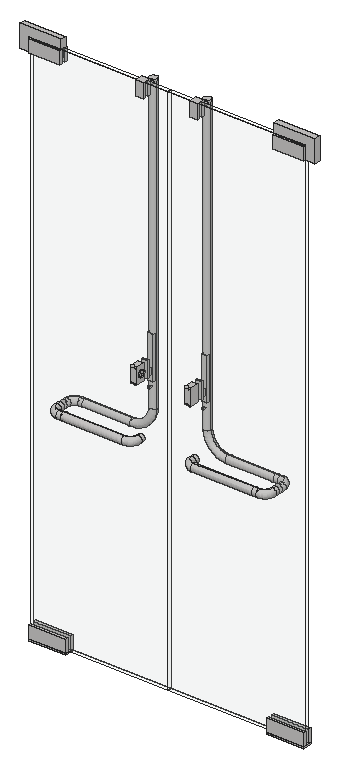
Revit family "Doors_Swing_Avanti_Systems_Pivot-Frameless-Pair-Swing-Door-Sgl-Glazed", category Doors, Revit 2015 (continued)
Definition of nested family "Pivot Door Bottom Free Swing Pivot Option"
  Cuts and joins
    joined: Extrusion 3, Extrusion 4
  Dimensions and locks (in)
    plane 5 to plane 1 "Center (Front/Back)" to plane 4 = 0.41339" locked, 2.31496" locked
    plane 1 "Center (Front/Back)" to plane 6 = 3/16"
    locked: plane 8 to level at 0.45276
    locked: plane 9 to plane 10 at 0.45276
    "Glass Thickness Control": level to plane 9
    equal spacing: level, plane 11, plane 9
    plane 12 to plane 11 to plane 13 = 0.76969" locked, 0.76969" locked
    plane 7 to plane 14 to plane 15 to plane 3 "Center (Left/Right)" = 2.31507" locked, 4.03237" locked, 0.20769" locked
    locked: plane 17 to plane 4 at 0.57874
    locked: plane 16 to plane 7 at 0.40354
    locked: plane 19 to plane 16 at 0.70866
    locked: plane 20 to plane 3 "Center (Left/Right)" at 2.22678
    plane 21 to plane 11 to plane 22 = 0.62342" locked, 0.62342" locked
    plane 23 to plane 20 to plane 24 = 0.62342" locked, 0.62342" locked
    locked: plane 25 to plane 5 at 1.1811
    locked: plane 15 to plane 26 at 0.52066
    locked: plane 27 to plane 14 at 0.51485
    locked: plane 25 to plane 28 at 0.7874
    plane 1 "Center (Front/Back)" to plane 30 to plane 17 = 0.60237", 1.13386"
    locked: plane 9 to plane 32 at 0.25001
    locked: plane 31 to level at 0.25001
    locked: plane 7 to plane 33 at 0.03937
    locked: plane 34 to plane 3 "Center (Left/Right)" at 0.03937
    aligned and locked: plane 2 to Extrusion 1
    aligned and locked: level to Extrusion 1
    aligned and locked: Extrusion 2 sketch curve to plane 4
    aligned and locked: Extrusion 2 sketch curve to plane 3 "Center (Left/Right)"
    aligned and locked: Extrusion 2 sketch curve to plane 6
    aligned and locked: Extrusion 2 sketch curve to plane 7
    aligned and locked: plane 9 to Extrusion 2
    aligned and locked: plane 10 to Extrusion 2
    aligned and locked: Extrusion 3 sketch curve to plane 4
    aligned and locked: Extrusion 3 sketch curve to plane 7
    aligned and locked: Extrusion 3 sketch curve to plane 6
    aligned and locked: Extrusion 3 sketch curve to plane 3 "Center (Left/Right)"
    aligned and locked: Extrusion 4 sketch curve to plane 3 "Center (Left/Right)"
    aligned and locked: Extrusion 4 sketch curve to plane 4
    aligned and locked: Extrusion 4 sketch curve to plane 7
    aligned and locked: Extrusion 4 sketch curve to plane 6
    aligned and locked: plane 10 to Extrusion 3
    aligned and locked: plane 9 to Extrusion 3
    aligned and locked: Extrusion 4 to level
    aligned and locked: plane 8 to Extrusion 4
    aligned and locked: plane 6 to Extrusion 5
    aligned and locked: plane 3 "Center (Left/Right)" to Extrusion 6 sketch curve
    aligned and locked: plane 7 to Extrusion 6 sketch curve
    aligned and locked: Extrusion 6 to plane 13
    aligned and locked: Extrusion 6 to plane 12
  Automatic sketch dimensions
    Extrusion 1 sketch curve to Extrusion 1 sketch curve = 96"  (x2)
    Extrusion 5 sketch curve to plane 11 = 0"
    Extrusion 5 sketch curve to plane 26 = 0.00025"
    Extrusion 6 sketch curve to plane 1 "Center (Front/Back)" = 0.03198"
    plane 1 "Center (Front/Back)" to Extrusion 6 sketch curve = 0.14671"
    radius of Extrusion 5 sketch curve = 0.19685"
Definition of nested family "Pivot Door Top Free Swing Pivot"
  Parameters (values of type "Glass Thickness 8.0 mm")
    Youtube clip = "https://www.youtube.com/watch?time_continue=4&v=5oOBSi0owgs"
    Weight Net (Kg) = "0.63"
    Uniformat II Description = ""
    Uniformat II Code = ""
    Uniclass 2015 Name = ""
    Uniclass 2015 Code = ""
    Uniclass 2.0 Description = ""
    Uniclass 2.0 Code = ""
    Uniclass 1.4 Description = ""
    Uniclass 1.4 Code = ""
    URL = "http://www.colcomgroup.it"
    UNSPSC Code = ""
    Technical description = "http://www.minusco.com/images/pdf/schede-tecniche/05_PORTE_ESTERNE.pdf"
    Region South America = "All"
    Region Oceania = "All"
    Region North America = "All"
    Region Middle East = "All"
    Region Europe = "All"
    Region Asia = "All"
    Region Antarctica = "All"
    Region Africa = "All"
    QR code = "http://bimobject.com/colcom/product/Top-Hinge-Unica-100E20"
    Product url = "http://www.minusco.com/images/pdf/schede-tecniche/05_PORTE_ESTERNE.pdf"
    Product group = "Top Free hinge"
    Product family = "Glass Hardware"
    Product data url = "https://bimobject.com/colcom/product/Top-Hinge-Unica-100E20"
    Product certification = ""
    Product SKU = "Top-Hinge-Unica-100E20"
    Product Material [instance] = none
    Product Instructions = "Outer doors. Glass thickness from 8mm to 13,52mm .Maximum door width 1000mm. Maximum door weight 100 Kg."  # constant formula
    Product Guid = "7bd65d41-e2c5-4b08-8bdf-08c516c9f22f"
    OmniClass Description = ""
    OmniClass Code = ""
    Nominal width = 6.5748"
    Nominal height = 2.20472"
    NBS Reference Description = ""
    NBS Reference Code = ""
    Model = "Top Hinge Unica 100E20"
    Material secondary = "Steel"
    Material main = "Aluminium"
    Masterformat 2014 Description = ""
    Masterformat 2014 Code = ""
    Manufacturer name = "Colcom"
    Manufacturer country = "Italy"
    Manufacturer = "Colcom"
    Keynote = "08700"
    Installation instructions = ""
    IFC Classification = ""
    Glass Thickness Control [instance] = 0.31496"
    Glass Thickness = 0"
    Edition number = 1
    EAN code = ""
    Design country = "Italy"
    Description = "Top hinge for Hydraulic Hinge 101E10/101E10NF/101E10SF/101E10L"
    Default Elevation = 0"
    Date of publishing = ""
    COBIe Type Category = ""
    Brand url = ""
    BIMobject main category code = ""
    BIMobject main category = ""
    BIMobject category code = ""
    BIMobject category = ""
    Assembly Code = "C1020410"
  Reference planes (in)
    plane 1 "Center (Front/Back)": y = 0
    plane 2: z = 0
    plane 3 "Center (Left/Right)": x = 0
    plane 4: y = 2.31496
    plane 5: y = -0.41339
    plane 6: y = 0.11024
    plane 7: x = 5.5
    plane 8: z = 0.45276
    plane 9: z = -0.31496
    plane 10: z = -0.76772
    plane 11: z = -0.15748
    plane 12: z = 0.6122
    plane 13: z = -0.92717
    plane 14: x = 4.24005
    plane 15: x = 0.20769
    plane 16: x = 5.09646
    plane 17: y = 1.73622
    plane 18: x = 4.3878
    plane 19: x = 2.22678
    plane 20: z = 0.46594
    plane 21: z = -0.7809
    plane 22: x = 1.60336
    plane 23: x = 2.85019
    plane 24: y = -1.59449
    plane 25: x = 0.72835
    plane 26: x = 3.72521
    plane 27: y = -0.80709
    plane 28: y = 1.98032
    plane 29: y = 0.60237
    plane 30: z = 0.25001
    plane 31: z = -0.56497
    plane 32: x = 5.53937
    plane 33: x = -0.03937
    plane 34: y = 1.2126
    plane 35: y = 0.41339
    plane 36: y = 0.68898
    plane 37: y = 2.23622
  Forms (in)
    Extrusion 1, solid
      sketch origin (0, 0, 0) x (1, 0, 0) y (0, 1, 0)
        loop
          line (-48, 48) -> (-48, -48) -> (48, -48) -> (48, 48) -> (-48, 48)
      from 0 to -12
    Extrusion 2, solid, material <- "Product Material"
      sketch origin (3.06299, -180, -0.5315) x (-1, 0, 0) y (0, -1, 0)
        loop
          line (-2.43701, -182.31496) -> (3.06299, -182.31496) -> (3.06299, -180.11024) -> (-2.43701, -180.11024) -> (-2.43701, -182.31496)
      from -0.23622 to 0.21654
    Extrusion 3, solid, material <- "Product Material"
      sketch origin (3.06299, -180, -0.5315) x (-1, 0, 0) y (0, -1, 0)
        loop
          line (-2.43701, -182.31496) -> (3.06299, -182.31496) -> (3.06299, -180.11024) -> (-2.43701, -180.11024) -> (-2.43701, -182.31496)
      from 0.5315 to 0.98425
    Extrusion 4, solid, material <- "Product Material"
      sketch origin (3.06299, -180, -0.5315) x (-1, 0, 0) y (0, -1, 0)
        loop
          line (2.85531, -182.31496) -> (2.85531, -180.68898) -> (-2.03346, -180.68898) -> (-2.03346, -182.31496) -> (2.85531, -182.31496)
      from 0.21654 to 0.5315
  Dimensions and locks (in)
    plane 5 to plane 1 "Center (Front/Back)" to plane 4 = 0.41339" locked, 2.31496" locked
    locked: plane 1 "Center (Front/Back)" to plane 6 at 0.11024
    locked: plane 8 to level at 0.45276
    locked: plane 9 to plane 10 at 0.45276
    "Glass Thickness Control": level to plane 9
    equal spacing: level, plane 11, plane 9
    plane 12 to plane 11 to plane 13 = 0.76969" locked, 0.76969" locked
    locked: plane 17 to plane 4 at 0.57874
    locked: plane 16 to plane 7 at 0.40354
    locked: plane 18 to plane 16 at 0.70866
    locked: plane 19 to plane 3 "Center (Left/Right)" at 2.22678
    plane 20 to plane 11 to plane 21 = 0.62342" locked, 0.62342" locked
    plane 22 to plane 19 to plane 23 = 0.62342" locked, 0.62342" locked
    locked: plane 24 to plane 5 at 1.1811
    locked: plane 15 to plane 25 at 0.52066
    locked: plane 26 to plane 14 at 0.51485
    locked: plane 24 to plane 27 at 0.7874
    plane 1 "Center (Front/Back)" to plane 29 to plane 17 = 0.60237", 1.13386"
    locked: plane 9 to plane 31 at 0.25001
    locked: plane 30 to level at 0.25001
    locked: plane 7 to plane 32 at 0.03937
    locked: plane 33 to plane 3 "Center (Left/Right)" at 0.03937
    equal spacing: plane 6, plane 34, plane 4
    locked: plane 36 to plane 6 at 0.57874
    locked: plane 37 to plane 4 at 0.07874
    Extrusion 3 to Extrusion 3 = 5 1/2"
    locked: plane 7 to plane 33 at 5.53937
    aligned and locked: plane 2 to Extrusion 1
    aligned and locked: level to Extrusion 1
    aligned and locked: Extrusion 2 sketch curve to plane 4
    aligned and locked: Extrusion 2 sketch curve to plane 3 "Center (Left/Right)"
    aligned and locked: Extrusion 2 sketch curve to plane 6
    aligned and locked: Extrusion 2 sketch curve to plane 7
    aligned and locked: Extrusion 3 sketch curve to plane 4
    aligned and locked: Extrusion 3 sketch curve to plane 3 "Center (Left/Right)"
    aligned and locked: Extrusion 3 sketch curve to plane 6
    aligned and locked: Extrusion 3 sketch curve to plane 7
    aligned and locked: Extrusion 3 to level
    aligned and locked: plane 8 to Extrusion 3
    aligned and locked: plane 9 to Extrusion 2
    aligned and locked: plane 10 to Extrusion 2
    aligned and locked: Extrusion 4 sketch curve to plane 16
    aligned and locked: Extrusion 4 sketch curve to plane 15
    aligned and locked: Extrusion 4 to plane 9
    aligned and locked: level to Extrusion 4
    aligned and locked: plane 4 to Extrusion 4 sketch curve
    aligned and locked: plane 36 to Extrusion 4 sketch curve
  Automatic sketch dimensions
    Extrusion 1 sketch curve to Extrusion 1 sketch curve = 96"  (x2)
Definition of nested family "Recessed Floor Closer - Elevation"
  Reference planes (in)
    plane 1 "Center (Front/Back)": y = 0
    plane 2: z = 0
    plane 3 "Center (Left/Right)": x = 0
  Lines and regions (in)
    model lines, in view "Ref. Level"
      curve 1: line (7.18456, 0, 0) -> (7.53314, 0, 0)
      curve 2: line (-2.0721, -0.11624, 0) -> (-3.00164, -0.11624, 0)
      curve 3: line (8.89669, -0.11624, 0) -> (8.38522, -0.11624, 0)
      curve 4: line (-1.84, 0, 0) -> (-1.55577, 0, 0)
      curve 5: line (-1.55577, 0, 0) -> (-1.49142, 0, 0)
      curve 6: arc (0.61969, 0, 0) -> (0.65371, -0.08219, 0) -> (0.73589, -0.11624, 0) r 0.11619
      curve 7: arc (-0.73589, -0.11624, 0) -> (-0.65372, -0.08221, 0) -> (-0.61969, -0.00005, 0) r 0.11619
      curve 8: line (8.32712, -0.11624, 0) -> (8.32712, -2.22707, 0)
      curve 9: line (8.32712, -2.22707, 0) -> (-2.014, -2.22707, 0)
      curve 10: line (-2.014, -2.22707, 0) -> (-2.014, -0.11624, 0)
      curve 11: arc (4.93697, -0.32926, 0) -> (5.02675, -0.36198, 0) -> (5.12145, -0.37467, 0) r 0.44269
      curve 12: arc (6.01869, -0.50358, 0) -> (5.97995, -0.40943, 0) -> (5.88426, -0.37467, 0) r 0.12595
      curve 13: arc (-0.98859, -2.01405, 0) -> (-1.01198, -1.96981, 0) -> (-1.05754, -1.9491, 0) r 0.07746
      curve 14: arc (2.23102, -1.9324, 0) -> (2.26915, -1.91661, 0) -> (2.28494, -1.87849, 0) r 0.05391
      curve 15: arc (-0.98859, -2.01405, 0) -> (-1.01198, -1.96981, 0) -> (-1.05754, -1.9491, 0) r 0.07746
      curve 16: line (4.05806, -1.49349, 0) -> (4.06976, -1.51341, 0)
      curve 17: line (4.05806, -1.40163, 0) -> (4.0949, -1.42913, 0)
      curve 18: line (2.3963, -1.87849, 0) -> (2.36082, -1.98804, 0)
      curve 19: line (2.33499, -2.01405, 0) -> (2.43976, -1.99686, 0)
      curve 20: line (2.43976, -1.99686, 0) -> (2.5209, -2.01405, 0)
      curve 21: line (2.36082, -1.98804, 0) -> (2.32981, -2.01405, 0)
      curve 22: line (2.3963, -1.87849, 0) -> (2.39485, -0.368, 0)
      curve 23: line (2.51583, -0.25184, 0) -> (2.51602, -0.2713, 0)
      curve 24: line (5.09475, -0.15497, 0) -> (5.12145, -0.1649, 0)
      curve 25: line (2.51583, -0.16218, 0) -> (2.51504, -0.15497, 0)
      curve 26: line (2.3111, -0.33011, 0) -> (2.32193, -0.3217, 0)
      curve 27: line (2.28494, -0.36799, 0) -> (2.3111, -0.33011, 0)
      curve 28: line (2.32193, -0.3217, 0) -> (2.39732, -0.2818, 0)
      curve 29: line (2.51602, -0.2713, 0) -> (2.47831, -0.28084, 0)
      curve 30: line (2.47228, -0.29053, 0) -> (2.39485, -0.36799, 0)
      curve 31: line (2.47228, -0.29053, 0) -> (2.39485, -0.368, 0)
      curve 32: line (4.93697, -0.32926, 0) -> (4.80856, -0.29053, 0)
      curve 33: line (5.86382, -1.53009, 0) -> (6.11965, -1.27426, 0)
      curve 34: line (5.94518, -0.29317, 0) -> (6.06391, -0.29317, 0)
      curve 35: line (6.09155, -0.29317, 0) -> (6.06391, -0.29317, 0)
      curve 36: line (6.11965, -0.30669, 0) -> (6.09155, -0.29317, 0)
      curve 37: line (7.11028, -0.16408, 0) -> (7.10882, -0.15646, 0)
      curve 38: line (4.06517, -1.85715, 0) -> (4.05806, -1.84734, 0)
      curve 39: line (5.91956, -0.16845, 0) -> (5.92391, -0.15497, 0)
      curve 40: line (-1.53415, -0.15497, 0) -> (-1.53612, -0.16371, 0)
      curve 41: line (5.86382, -1.42913, 0) -> (6.01869, -1.27426, 0)
      curve 42: line (5.94518, -0.29317, 0) -> (5.91956, -0.27169, 0)
      curve 43: line (4.06976, -1.51341, 0) -> (4.09028, -1.53009, 0)
      curve 44: line (4.06517, -1.87849, 0) -> (4.08977, -1.9324, 0)
      curve 45: line (7.08568, -1.9324, 0) -> (7.11028, -1.87849, 0)
      curve 46: arc (7.62029, -0.1356, 0) -> (7.61461, -0.12191, 0) -> (7.60092, -0.11624, 0) r 0.01937
      curve 47: arc (3.91178, -0.81339, 0) -> (3.90611, -0.7997, 0) -> (3.89241, -0.79403, 0) r 0.01937
      curve 48: arc (3.66003, -0.79403, 0) -> (3.64634, -0.7997, 0) -> (3.64066, -0.81339, 0) r 0.01937
      curve 49: arc (7.19425, -0.11624, 0) -> (7.18055, -0.12191, 0) -> (7.17488, -0.1356, 0) r 0.01937
      curve 50: arc (-1.89781, -1.83976, 0) -> (-1.87512, -1.89453, 0) -> (-1.82035, -1.91722, 0) r 0.07746
      curve 51: arc (-1.26843, -0.11624, 0) -> (-1.28213, -0.12191, 0) -> (-1.2878, -0.1356, 0) r 0.01937
      curve 52: arc (1.2878, -0.1356, 0) -> (1.28213, -0.12191, 0) -> (1.26843, -0.11624, 0) r 0.01937
      curve 53: arc (-1.26843, -0.11624, 0) -> (-1.28213, -0.12191, 0) -> (-1.2878, -0.1356, 0) r 0.01937
      curve 54: arc (3.53321, -1.82622, 0) -> (3.54456, -1.85361, 0) -> (3.57195, -1.86496, 0) r 0.03873
      curve 55: arc (4.05806, -1.35947, 0) -> (4.04672, -1.33209, 0) -> (4.01933, -1.32074, 0) r 0.03873
      curve 56: arc (3.57195, -1.32074, 0) -> (3.54456, -1.33209, 0) -> (3.53321, -1.35947, 0) r 0.03873
      curve 57: line (7.59124, -0.30989, 0) -> (7.62029, -0.30989, 0)
      curve 58: line (7.62029, -0.30989, 0) -> (7.62029, -0.1356, 0)
      curve 59: line (7.62029, -0.1356, 0) -> (7.62029, -0.30989, 0)
      curve 60: line (7.60092, -0.11624, 0) -> (7.48666, -0.11624, 0)
      curve 61: line (3.68327, -1.86689, 0) -> (3.68327, -2.22707, 0)
      curve 62: line (3.68327, -2.22707, 0) -> (3.86918, -2.22707, 0)
      curve 63: line (3.86918, -2.22707, 0) -> (3.86918, -1.86689, 0)
      curve 64: line (3.89241, -0.94895, 0) -> (3.89241, -0.97914, 0)
      curve 65: line (3.89241, -0.97914, 0) -> (3.89241, -1.32074, 0)
      curve 66: line (4.01933, -1.32074, 0) -> (3.89241, -1.32074, 0)
      curve 67: line (3.89241, -1.32074, 0) -> (3.66003, -1.32074, 0)
      curve 68: line (3.66003, -1.32074, 0) -> (3.66003, -0.97914, 0)
      curve 69: line (3.66003, -0.97914, 0) -> (3.66003, -0.94895, 0)
      curve 70: line (3.89241, -0.79403, 0) -> (3.81495, -0.79403, 0)
      curve 71: line (3.81495, -0.79403, 0) -> (3.80527, -0.85212, 0)
      curve 72: line (3.80527, -0.85212, 0) -> (3.74717, -0.85212, 0)
      curve 73: line (3.74717, -0.85212, 0) -> (3.73749, -0.79403, 0)
      curve 74: line (3.73749, -0.79403, 0) -> (3.66003, -0.79403, 0)
      curve 75: line (3.64066, -0.81339, 0) -> (3.64066, -0.94895, 0)
      curve 76: line (3.64066, -0.94895, 0) -> (3.91178, -0.94895, 0)
      curve 77: line (3.91178, -0.94895, 0) -> (3.91178, -0.81339, 0)
      curve 78: line (7.20393, -0.17433, 0) -> (7.22329, -0.17433, 0)
      curve 79: line (7.22329, -0.17433, 0) -> (7.59124, -0.17433, 0)
      curve 80: line (7.59124, -0.17433, 0) -> (7.59124, -0.32926, 0)
      curve 81: line (7.59124, -0.32926, 0) -> (7.23298, -0.32926, 0)
      curve 82: line (7.23298, -0.32926, 0) -> (7.20393, -0.32926, 0)
      curve 83: line (7.20393, -0.32926, 0) -> (7.20393, -0.17433, 0)
      curve 84: line (7.19425, -0.40672, 0) -> (7.23298, -0.40672, 0)
      curve 85: line (7.23298, -0.40672, 0) -> (7.64933, -0.40672, 0)
      curve 86: line (7.64933, -0.40672, 0) -> (7.64933, -0.32926, 0)
      curve 87: line (7.64933, -0.32926, 0) -> (7.23298, -0.32926, 0)
      curve 88: line (7.23298, -0.32926, 0) -> (7.19425, -0.32926, 0)
      curve 89: line (7.19425, -0.32926, 0) -> (7.14583, -0.32926, 0)
      curve 90: line (7.14583, -0.32926, 0) -> (7.14583, -0.40672, 0)
      curve 91: line (7.14583, -0.40672, 0) -> (7.19425, -0.40672, 0)
      curve 92: line (7.19425, -0.40672, 0) -> (7.23298, -0.40672, 0)
      curve 93: line (7.23298, -0.40672, 0) -> (7.52346, -0.40672, 0)
      curve 94: line (7.17488, -0.1356, 0) -> (7.17488, -0.30989, 0)
      curve 95: line (7.17488, -0.30989, 0) -> (7.20393, -0.30989, 0)
      curve 96: line (7.55251, -0.11624, 0) -> (7.46343, -0.11624, 0)
      curve 97: line (7.26203, -1.10387, 0) -> (7.26203, -0.96057, 0)
      curve 98: line (7.26203, -0.96057, 0) -> (7.11872, -0.96057, 0)
      curve 99: line (7.11872, -0.96057, 0) -> (7.11872, -0.40672, 0)
      curve 100: line (7.11872, -0.40672, 0) -> (7.24266, -0.40672, 0)
      curve 101: line (7.24266, -0.40672, 0) -> (7.43631, -0.40672, 0)
      curve 102: line (7.43631, -0.40672, 0) -> (7.64933, -0.40672, 0)
      curve 103: line (7.64933, -0.40672, 0) -> (7.64933, -1.80103, 0)
      curve 104: line (7.64933, -1.80103, 0) -> (7.43631, -1.97532, 0)
      curve 105: line (7.43631, -1.97532, 0) -> (7.11872, -1.97532, 0)
      curve 106: line (7.11872, -1.97532, 0) -> (7.11872, -1.56864, 0)
      curve 107: line (7.11872, -1.56864, 0) -> (7.26203, -1.56864, 0)
      curve 108: line (7.26203, -1.56864, 0) -> (7.26203, -0.96057, 0)
      curve 109: line (7.43631, -1.97532, 0) -> (7.43631, -0.52291, 0)
      curve 110: line (7.43631, -0.52291, 0) -> (7.64933, -0.52291, 0)
      curve 111: line (7.43631, -0.52291, 0) -> (7.24266, -0.52291, 0)
      curve 112: line (7.24266, -0.52291, 0) -> (7.11872, -0.52291, 0)
      curve 113: line (7.1652, -1.56864, 0) -> (7.1652, -0.96057, 0)
      curve 114: line (-1.83971, -0.48418, 0) -> (-1.83971, -1.10387, 0)
      curve 115: line (-1.83971, -1.10387, 0) -> (-1.83971, -1.85912, 0)
      curve 116: line (-1.83971, -1.85912, 0) -> (-1.52987, -1.85912, 0)
      curve 117: line (-1.52987, -1.85912, 0) -> (-1.52987, -1.91722, 0)
      curve 118: line (-1.52987, -1.91722, 0) -> (-1.60249, -1.91722, 0)
      curve 119: line (-1.60249, -1.91722, 0) -> (-1.82035, -1.91722, 0)
      curve 120: line (-1.89781, -1.83976, 0) -> (-1.89781, -1.15132, 0)
      curve 121: line (-1.89781, -1.15132, 0) -> (-1.89781, -1.10387, 0)
      curve 122: line (-1.89781, -1.10387, 0) -> (-1.89781, -0.49386, 0)
      curve 123: line (-1.89781, -0.49386, 0) -> (-1.89781, -0.48418, 0)
      curve 124: line (-1.89781, -0.48418, 0) -> (-1.83971, -0.48418, 0)
      curve 125: line (-1.83971, -0.48418, 0) -> (-1.83971, -0.5384, 0)
      curve 126: line (-1.2878, -0.1356, 0) -> (-1.2878, -0.15497, 0)
      curve 127: line (-0.73589, -0.11624, 0) -> (0, -0.11624, 0)
      curve 128: line (0, -0.11624, 0) -> (0.73589, -0.11624, 0)
      curve 129: line (1.2878, -0.15497, 0) -> (1.2878, -0.1356, 0)
      curve 130: line (-0.74557, -0.11624, 0) -> (-1.26843, -0.11624, 0)
      curve 131: line (3.53321, -1.82622, 0) -> (3.53321, -1.35947, 0)
      curve 132: line (3.57195, -1.86496, 0) -> (3.66003, -1.86496, 0)
      curve 133: line (3.66003, -1.86496, 0) -> (3.89241, -1.86496, 0)
      curve 134: line (3.89241, -1.86496, 0) -> (4.05806, -1.86496, 0)
      curve 135: line (4.05806, -1.86496, 0) -> (4.05806, -1.85445, 0)
      curve 136: line (4.05806, -1.84734, 0) -> (4.05806, -1.85445, 0)
      curve 137: line (4.05806, -1.85445, 0) -> (4.05806, -1.49349, 0)
      curve 138: line (4.05806, -1.49349, 0) -> (4.05806, -1.40163, 0)
      curve 139: line (4.05806, -1.40163, 0) -> (4.05806, -1.38844, 0)
      curve 140: line (4.05806, -1.38844, 0) -> (4.05806, -1.35947, 0)
      curve 141: line (3.66003, -1.32074, 0) -> (3.57195, -1.32074, 0)
      curve 142: line (5.12145, -0.37467, 0) -> (5.12145, -0.1649, 0)
      curve 143: line (5.12145, -0.1649, 0) -> (5.12145, -0.37467, 0)
      curve 144: line (5.12145, -0.37467, 0) -> (5.86772, -0.37467, 0)
      curve 145: line (5.86772, -0.37467, 0) -> (5.88426, -0.37467, 0)
      curve 146: line (6.01869, -0.50358, 0) -> (6.01869, -1.27426, 0)
      curve 147: line (6.01869, -1.27426, 0) -> (6.01869, -0.50358, 0)
      curve 148: line (3.68327, -2.01405, 0) -> (2.55854, -2.01405, 0)
      curve 149: line (2.55854, -2.01405, 0) -> (2.5209, -2.01405, 0)
      curve 150: line (-0.98859, -2.01405, 0) -> (2.23102, -2.01405, 0)
      curve 151: line (2.23102, -2.01405, 0) -> (2.306, -2.01405, 0)
      curve 152: line (2.306, -2.01405, 0) -> (2.32981, -2.01405, 0)
      curve 153: line (2.28494, -1.87849, 0) -> (2.28494, -0.36799, 0)
      curve 154: line (2.51583, -0.25184, 0) -> (2.51583, -0.16218, 0)
      curve 155: line (5.86772, -0.15497, 0) -> (5.10856, -0.15497, 0)
      curve 156: line (5.10856, -0.15497, 0) -> (5.09475, -0.15497, 0)
      curve 157: line (5.09475, -0.15497, 0) -> (5.0365, -0.15497, 0)
      curve 158: line (5.0365, -0.15497, 0) -> (5.02826, -0.15497, 0)
      curve 159: line (5.02826, -0.15497, 0) -> (4.93742, -0.15497, 0)
      curve 160: line (4.93742, -0.15497, 0) -> (4.93697, -0.32926, 0)
      curve 161: line (4.80856, -0.29053, 0) -> (4.74402, -0.29053, 0)
      curve 162: line (4.74402, -0.29053, 0) -> (4.73572, -0.29053, 0)
      curve 163: line (4.73572, -0.29053, 0) -> (2.81287, -0.29053, 0)
      curve 164: line (2.81287, -0.29053, 0) -> (2.55113, -0.29053, 0)
      curve 165: line (2.55113, -0.29053, 0) -> (2.49738, -0.29053, 0)
      curve 166: line (2.49738, -0.29053, 0) -> (2.47228, -0.29053, 0)
      curve 167: line (2.47228, -0.29053, 0) -> (2.46333, -0.29053, 0)
      curve 168: line (4.93742, -0.15497, 0) -> (4.73572, -0.15497, 0)
      curve 169: line (4.73572, -0.15691, 0) -> (2.7403, -0.15691, 0)
      curve 170: line (2.7403, -0.15497, 0) -> (2.51504, -0.15497, 0)
      curve 171: line (2.51504, -0.15497, 0) -> (2.4564, -0.15497, 0)
      curve 172: line (2.4564, -0.15497, 0) -> (2.44879, -0.15497, 0)
      curve 173: line (2.44879, -0.15497, 0) -> (2.39732, -0.15497, 0)
      curve 174: line (6.11965, -0.30669, 0) -> (6.11965, -0.31568, 0)
      curve 175: line (6.11965, -0.31568, 0) -> (6.11965, -1.27426, 0)
      curve 176: line (-1.60733, -0.15497, 0) -> (-1.60733, -0.8133, 0)
      curve 177: line (-1.60733, -0.8133, 0) -> (-1.72352, -0.8133, 0)
      curve 178: line (-1.72352, -0.8133, 0) -> (-1.73901, -0.8133, 0)
      curve 179: line (2.23102, -1.9324, 0) -> (-1.22785, -1.9324, 0)
      curve 180: line (-1.22785, -1.9324, 0) -> (-1.05754, -1.9491, 0)
      curve 181: line (-1.05754, -1.9491, 0) -> (-1.22785, -1.9324, 0)
      curve 182: line (-1.22785, -1.9324, 0) -> (-1.5105, -1.90469, 0)
      curve 183: line (-1.5105, -1.90469, 0) -> (-1.5105, -1.85912, 0)
      curve 184: line (-1.5105, -1.85912, 0) -> (-1.60733, -1.85912, 0)
      curve 185: line (-1.60733, -1.85912, 0) -> (-1.60733, -1.00695, 0)
      curve 186: line (-1.60733, -1.00695, 0) -> (-1.72352, -1.00695, 0)
      curve 187: line (-1.72352, -1.00695, 0) -> (-1.73901, -1.00695, 0)
      curve 188: line (-1.73901, -1.00695, 0) -> (-1.73901, -1.40588, 0)
      curve 189: line (-1.73901, -1.40588, 0) -> (-1.8152, -1.40588, 0)
      curve 190: line (-1.8152, -1.40588, 0) -> (-1.83971, -1.40588, 0)
      curve 191: line (-1.83971, -1.40588, 0) -> (-1.83971, -1.41574, 0)
      curve 192: line (-1.83971, -1.41574, 0) -> (-1.83971, -1.85912, 0)
      curve 193: line (-1.83971, -1.85912, 0) -> (-1.72836, -1.85912, 0)
      curve 194: line (-1.72836, -1.85912, 0) -> (-1.60733, -1.85912, 0)
      curve 195: line (-1.60733, -0.8133, 0) -> (-1.54923, -0.8133, 0)
      curve 196: line (-1.54923, -0.8133, 0) -> (-1.53612, -0.8133, 0)
      curve 197: line (-1.53612, -1.85912, 0) -> (-1.53612, -0.16371, 0)
      curve 198: line (2.39732, -0.2818, 0) -> (2.39732, -0.15497, 0)
      curve 199: line (2.39732, -0.15497, 0) -> (1.39431, -0.15497, 0)
      curve 200: line (1.39431, -0.15497, 0) -> (0.51053, -0.15497, 0)
      curve 201: line (0.51053, -0.15497, 0) -> (0.51053, -0.23243, 0)
      curve 202: line (0.51053, -0.23243, 0) -> (-0.51053, -0.23243, 0)
      curve 203: line (-0.51053, -0.23243, 0) -> (-0.51053, -0.15497, 0)
      curve 204: line (-1.73901, -1.00695, 0) -> (-1.73901, -0.8133, 0)
      curve 205: line (-1.73901, -0.8133, 0) -> (-1.83971, -0.8133, 0)
      curve 206: line (-1.83971, -0.8133, 0) -> (-1.83971, -0.46472, 0)
      curve 207: line (-1.83971, -0.46472, 0) -> (-1.89781, -0.46472, 0)
      curve 208: line (-1.89781, -0.46472, 0) -> (-1.89781, -0.15875, 0)
      curve 209: line (-1.89781, -0.15875, 0) -> (-1.60733, -0.15497, 0)
      curve 210: line (-1.60733, -0.15497, 0) -> (-1.54854, -0.15497, 0)
      curve 211: line (-1.54854, -0.15497, 0) -> (-1.53415, -0.15497, 0)
      curve 212: line (-1.53415, -0.15497, 0) -> (-1.39431, -0.15497, 0)
      curve 213: line (-1.39431, -0.15497, 0) -> (-0.51053, -0.15497, 0)
      curve 214: line (-1.60733, -1.00695, 0) -> (-1.54923, -1.00695, 0)
      curve 215: line (-1.54923, -1.00695, 0) -> (-1.53612, -1.00695, 0)
      curve 216: line (7.11028, -1.87849, 0) -> (7.11028, -0.16408, 0)
      curve 217: line (5.86772, -0.37467, 0) -> (5.86772, -0.1649, 0)
      curve 218: line (5.86772, -0.1649, 0) -> (5.86772, -0.15497, 0)
      curve 219: line (5.86772, -0.15497, 0) -> (5.9086, -0.15497, 0)
      curve 220: line (5.9086, -0.15497, 0) -> (5.92391, -0.15497, 0)
      curve 221: line (5.92391, -0.15497, 0) -> (7.10815, -0.15497, 0)
      curve 222: line (7.10815, -0.15497, 0) -> (7.11543, -0.15497, 0)
      curve 223: line (7.11543, -0.15497, 0) -> (7.11872, -0.16524, 0)
      curve 224: line (5.86382, -1.53009, 0) -> (5.33754, -1.53009, 0)
      curve 225: line (5.33754, -1.53009, 0) -> (5.08104, -1.53009, 0)
      curve 226: line (5.08104, -1.53009, 0) -> (4.95588, -1.53009, 0)
      curve 227: line (4.95588, -1.53009, 0) -> (4.09028, -1.53009, 0)
      curve 228: line (4.06517, -1.85715, 0) -> (4.06517, -1.87849, 0)
      curve 229: line (4.0949, -1.42913, 0) -> (4.95357, -1.42913, 0)
      curve 230: line (4.95357, -1.42913, 0) -> (5.86382, -1.42913, 0)
      curve 231: line (5.91956, -0.27169, 0) -> (5.91956, -0.16845, 0)
      curve 232: line (4.08977, -1.9324, 0) -> (7.08568, -1.9324, 0)
      curve 233: line (7.11872, -0.16524, 0) -> (7.11872, -1.87849, 0)
      curve 234: line (7.11872, -1.87849, 0) -> (7.11872, -2.01405, 0)
      curve 235: line (7.11872, -2.01405, 0) -> (7.08706, -2.01405, 0)
      curve 236: line (3.86918, -2.01405, 0) -> (7.08706, -2.01405, 0)
      curve 237: line (-1.51885, -2.22707, 0) -> (-1.51885, -1.85696, 0)
      curve 238: line (-1.70476, -1.91722, 0) -> (-1.70476, -2.22707, 0)
      curve 239: line (-3.00164, -0.11624, 0) -> (-1.80592, -0.11624, 0)
      curve 240: line (-1.80592, -0.11624, 0) -> (-1.59338, -0.11624, 0)
      curve 241: line (-1.59338, -0.11624, 0) -> (-1.5255, -0.11624, 0)
      curve 242: line (-1.5255, -0.11624, 0) -> (-0.76493, -0.11624, 0)
      curve 243: line (7.21864, -0.11624, 0) -> (0.7262, -0.11624, 0)
      curve 244: line (0.7262, -0.11624, 0) -> (7.21864, -0.11624, 0)
      curve 245: line (7.21864, -0.11624, 0) -> (7.43199, -0.11624, 0)
      curve 246: line (7.43199, -0.11624, 0) -> (7.49906, -0.11624, 0)
      curve 247: line (7.49906, -0.11624, 0) -> (8.89669, -0.11624, 0)
      curve 248: line (7.62029, -0.11624, 0) -> (8.32712, -0.11624, 0)
      curve 249: line (8.32712, -0.11624, 0) -> (8.38522, -0.11624, 0)
      curve 250: line (-2.0721, -0.11624, 0) -> (-2.014, -0.11624, 0)
      curve 251: line (-2.014, -0.11624, 0) -> (-1.8339, -0.11624, 0)
      curve 252: arc (0.42023, 0.12764, 0) -> (0.43163, 0.10388, 0) -> (0.4571, 0.09713, 0) r 0.03147
      curve 253: arc (-0.4571, 0.09713, 0) -> (-0.43163, 0.10388, 0) -> (-0.42023, 0.12764, 0) r 0.03147
      curve 254: arc (0.61969, -0.00005, 0) -> (0.60835, 0.02734, 0) -> (0.58096, 0.03869, 0) r 0.03873
      curve 255: arc (-0.58096, 0.03869, 0) -> (-0.60835, 0.02734, 0) -> (-0.61969, -0.00005, 0) r 0.03873
      curve 256: line (0.48414, 0.03869, 0) -> (0.48414, 0.0503, 0)
      curve 257: line (0.48414, 0.0503, 0) -> (0.4571, 0.09713, 0)
      curve 258: line (-0.48414, 0.03869, 0) -> (-0.48414, 0.0503, 0)
      curve 259: line (-0.48414, 0.0503, 0) -> (-0.4571, 0.09713, 0)
      curve 260: line (0.42023, 0.12764, 0) -> (0.42023, 0.3098, 0)
      curve 261: line (0.42023, 0.3098, 0) -> (0.42023, 0.55175, 0)
      curve 262: line (0.42023, 0.55175, 0) -> (0.38438, 0.75509, 0)
      curve 263: line (0.38438, 0.75509, 0) -> (0.34564, 0.79382, 0)
      curve 264: line (0.34564, 0.79382, 0) -> (0.27875, 0.79382, 0)
      curve 265: line (0.27875, 0.79382, 0) -> (0.06197, 0.79382, 0)
      curve 266: line (0.06197, 0.79382, 0) -> (-0.06197, 0.79382, 0)
      curve 267: line (-0.06197, 0.79382, 0) -> (-0.27875, 0.79382, 0)
      curve 268: line (-0.27875, 0.79382, 0) -> (-0.34564, 0.79382, 0)
      curve 269: line (-0.34564, 0.79382, 0) -> (-0.38438, 0.75509, 0)
      curve 270: line (-0.38438, 0.75509, 0) -> (-0.42023, 0.55175, 0)
      curve 271: line (-0.42023, 0.55175, 0) -> (-0.42023, 0.3098, 0)
      curve 272: line (-0.42023, 0.3098, 0) -> (-0.42023, 0.12764, 0)
      curve 273: line (-0.58096, 0.03869, 0) -> (0, 0.03869, 0)
      curve 274: line (0, 0.03869, 0) -> (0.58096, 0.03869, 0)
      curve 275: line (-3.00164, 0, 0) -> (-1.84, 0, 0)
      curve 276: line (-1.49142, 0, 0) -> (-0.75525, 0, 0)
      curve 277: line (-0.75525, 0, 0) -> (-0.61969, 0, 0)
      curve 278: line (0.61969, 0, 0) -> (0.71652, 0, 0)
      curve 279: line (0.71652, 0, 0) -> (7.18456, 0, 0)
      curve 280: line (8.89669, -0.11624, 0) -> (8.90808, -0.05927, 0)
      curve 281: line (8.90808, -0.05927, 0) -> (8.52653, 0, 0)
      curve 282: line (8.52653, 0, 0) -> (7.53314, 0, 0)
      curve 283: line (8.38522, -0.11624, 0) -> (8.38522, -2.28516, 0)
      curve 284: line (8.38522, -2.28516, 0) -> (-2.0721, -2.28516, 0)
      curve 285: line (-2.0721, -2.28516, 0) -> (-2.0721, -0.11624, 0)
      curve 286: line (7.2869, -0.11624, 0) -> (7.19425, -0.11624, 0)
      curve 287: line (1.26843, -0.11624, 0) -> (0.74557, -0.11624, 0)
      curve 288: line (0.74557, -0.11624, 0) -> (0.73589, -0.11624, 0)
      curve 289: line (-0.73589, -0.11624, 0) -> (-0.74557, -0.11624, 0)
      curve 290: line (-1.70476, -2.22707, 0) -> (-1.51885, -2.22707, 0)
      curve 291: line (-3.00164, 0, 0) -> (-3.00164, -0.11624, 0)
      curve 292: line (-3.00164, -0.0581, 0) -> (-1.86406, -0.0581, 0)
      curve 293: line (-1.86406, -0.0581, 0) -> (-1.80592, -0.11624, 0)
      curve 294: line (-1.80592, -0.11624, 0) -> (-1.76254, -0.07746, 0)
      curve 295: line (-1.76254, -0.07746, 0) -> (-1.84, 0, 0)
      curve 296: line (-0.63523, -0.0581, 0) -> (-0.75525, -0.0581, 0)
      curve 297: line (-0.75525, -0.0581, 0) -> (-0.75525, 0, 0)
      curve 298: line (-0.75525, 0, 0) -> (-0.75525, -0.0581, 0)
      curve 299: line (-0.75525, -0.0581, 0) -> (-1.46736, -0.0581, 0)
      curve 300: line (-1.46736, -0.0581, 0) -> (-1.5255, -0.11624, 0)
      curve 301: line (-1.5278, -0.11624, 0) -> (-1.56888, -0.07746, 0)
      curve 302: line (-1.56888, -0.07746, 0) -> (-1.49142, 0, 0)
      curve 303: line (0.63523, -0.0581, 0) -> (0.71652, -0.0581, 0)
      curve 304: line (0.71652, -0.0581, 0) -> (0.71652, 0, 0)
      curve 305: line (7.53314, 0, 0) -> (7.45568, -0.07746, 0)
      curve 306: line (7.45568, -0.07746, 0) -> (7.49906, -0.11624, 0)
      curve 307: line (7.49906, -0.11624, 0) -> (7.55721, -0.0581, 0)
      curve 308: line (7.55721, -0.0581, 0) -> (8.52078, -0.0581, 0)
      curve 309: line (8.52078, -0.0581, 0) -> (8.89669, -0.11624, 0)
      curve 310: line (7.18456, 0, 0) -> (7.26203, -0.07746, 0)
      curve 311: line (7.26203, -0.07746, 0) -> (7.21864, -0.11624, 0)
      curve 312: line (7.21864, -0.11624, 0) -> (7.1605, -0.0581, 0)
      curve 313: line (7.1605, -0.0581, 0) -> (0.71652, -0.0581, 0)
Definition of nested family "Recessed Floor Closer - Section"
  Reference planes (in)
    plane 1 "Center (Front/Back)": y = 0
    plane 2: z = 0
    plane 3 "Center (Left/Right)": x = 0
  Lines and regions (in)
    model lines, in view "Ref. Level"
      curve 1: line (0.74557, 0, 0) -> (0.73589, 0, 0)
      curve 2: line (-0.73589, 0, 0) -> (-0.74557, 0, 0)
      curve 3: line (1.54923, 0, 0) -> (2.13019, 0, 0)
      curve 4: line (-2.13019, 0, 0) -> (-1.54923, 0, 0)
      curve 5: arc (0.21751, 0.13296, 0) -> (0.21284, 0.1349, 0) -> (0.20783, 0.13556, 0) r 0.01937
      curve 6: arc (-0.20783, 0.13556, 0) -> (-0.21284, 0.1349, 0) -> (-0.21751, 0.13296, 0) r 0.01937
      curve 7: arc (0.61969, 0.11619, 0) -> (0.65372, 0.03403, 0) -> (0.73589, 0, 0) r 0.11619
      curve 8: arc (-0.73589, 0, 0) -> (-0.65372, 0.03403, 0) -> (-0.61969, 0.11619, 0) r 0.11619
      curve 9: line (0.20783, 0.13556, 0) -> (0.17424, 0.13556, 0)
      curve 10: line (0.17424, 0.13556, 0) -> (-0.10929, 0.13556, 0)
      curve 11: line (-0.10929, 0.13556, 0) -> (-0.17424, 0.13556, 0)
      curve 12: line (-0.17424, 0.13556, 0) -> (-0.20783, 0.13556, 0)
      curve 13: line (-0.2801, 0.09683, 0) -> (-0.21751, 0.13296, 0)
      curve 14: line (0.21751, 0.13296, 0) -> (0.2801, 0.09683, 0)
      curve 15: line (-1.49114, -1.99464, 0) -> (-1.49114, -0.61969, 0)
      curve 16: line (-1.49114, -0.61969, 0) -> (-1.49114, 0, 0)
      curve 17: line (-1.49114, 0, 0) -> (0, 0, 0)
      curve 18: line (0, 0, 0) -> (1.54923, 0, 0)
      curve 19: line (0.48414, 0.18591, 0) -> (0.07851, 0.18591, 0)
      curve 20: line (-0.21706, 0.68735, 0) -> (0.21706, 0.68735, 0)
      curve 21: line (0.16731, 0.18591, 0) -> (-0.48414, 0.18591, 0)
      curve 22: line (-0.23545, 0.26324, 0) -> (0.23928, 0.26324, 0)
      curve 23: line (1.37494, -2.11083, 0) -> (-1.37494, -2.11083, 0)
      curve 24: line (-1.54923, 0, 0) -> (-0.62341, 0, 0)
      curve 25: line (1.49114, 0, 0) -> (1.49114, -0.61969, 0)
      curve 26: line (1.49114, -0.61969, 0) -> (1.49114, -1.60733, 0)
      curve 27: line (1.49114, -1.60733, 0) -> (1.49114, -1.99464, 0)
      curve 28: arc (1.37494, -2.11083, 0) -> (1.4571, -2.0768, 0) -> (1.49114, -1.99464, 0) r 0.11619
      curve 29: arc (-1.49114, -1.99464, 0) -> (-1.4571, -2.0768, 0) -> (-1.37494, -2.11083, 0) r 0.11619
      curve 30: arc (1.22724, -1.89781, 0) -> (1.26353, -1.87002, 0) -> (1.29014, -1.83286, 0) r 0.15492
      curve 31: arc (1.29014, -1.83286, 0) -> (1.29406, -1.82462, 0) -> (1.29748, -1.81616, 0) r 0.15492
      curve 32: arc (-1.29748, -1.81616, 0) -> (-1.29406, -1.82462, 0) -> (-1.29014, -1.83286, 0) r 0.15492
      curve 33: arc (-1.29014, -1.83286, 0) -> (-1.26353, -1.87003, 0) -> (-1.22724, -1.89781, 0) r 0.15492
      curve 34: line (-1.22513, -1.78276, 0) -> (-1.26843, -1.78465, 0)
      curve 35: line (-1.29748, -1.78594, 0) -> (-1.26843, -1.78465, 0)
      curve 36: line (1.26843, -1.78465, 0) -> (1.29748, -1.78594, 0)
      curve 37: line (1.26843, -1.78465, 0) -> (1.22513, -1.78276, 0)
      curve 38: arc (-1.26843, 0, 0) -> (-1.28213, -0.00567, 0) -> (-1.2878, -0.01937, 0) r 0.01937
      curve 39: arc (1.2878, -0.01937, 0) -> (1.28213, -0.00567, 0) -> (1.26843, 0, 0) r 0.01937
      curve 40: arc (1.2878, -0.01937, 0) -> (1.28213, -0.00567, 0) -> (1.26843, 0, 0) r 0.01937
      curve 41: line (1.09995, -2.11083, 0) -> (1.09995, -1.89781, 0)
      curve 42: line (0.91405, -1.89781, 0) -> (0.91405, -2.11083, 0)
      curve 43: line (-1.09995, -1.89781, 0) -> (-1.09995, -2.11083, 0)
      curve 44: line (-0.91405, -2.11083, 0) -> (-0.91405, -1.89781, 0)
      curve 45: line (-1.29014, -1.83286, 0) -> (1.29014, -1.83286, 0)
      curve 46: line (-1.16192, -0.69706, 0) -> (-1.21034, -0.69706, 0)
      curve 47: line (-1.21034, -0.69706, 0) -> (-1.21034, -0.34849, 0)
      curve 48: line (-1.21034, -0.34849, 0) -> (-1.21034, -0.04251, 0)
      curve 49: line (-1.16192, -1.78276, 0) -> (-1.22513, -1.78276, 0)
      curve 50: line (-1.22513, -1.78276, 0) -> (-1.22513, -1.74289, 0)
      curve 51: line (-1.22513, -1.74289, 0) -> (-1.21034, -1.74289, 0)
      curve 52: line (-1.21034, -1.74289, 0) -> (-1.21034, -1.28964, 0)
      curve 53: line (-1.29748, -1.81616, 0) -> (-1.29748, -1.78594, 0)
      curve 54: line (-1.29748, -1.78594, 0) -> (-1.29748, -1.2895, 0)
      curve 55: line (-1.29748, -1.2895, 0) -> (-1.29748, -1.07662, 0)
      curve 56: line (-1.29748, -1.07662, 0) -> (-1.29748, -0.9217, 0)
      curve 57: line (-1.29748, -0.9217, 0) -> (-1.29748, -0.70868, 0)
      curve 58: line (-1.29748, -0.70868, 0) -> (-1.29748, -0.69706, 0)
      curve 59: line (-1.29748, -0.69706, 0) -> (-1.29748, -0.03873, 0)
      curve 60: line (-1.29748, -0.03873, 0) -> (1.29748, -0.03873, 0)
      curve 61: line (1.29748, -0.03873, 0) -> (1.29748, -0.69706, 0)
      curve 62: line (1.29748, -0.69706, 0) -> (1.21034, -0.69706, 0)
      curve 63: line (1.21034, -0.69706, 0) -> (1.16192, -0.69706, 0)
      curve 64: line (1.21034, -1.28964, 0) -> (1.21034, -1.74289, 0)
      curve 65: line (1.21034, -1.74289, 0) -> (1.16192, -1.74289, 0)
      curve 66: line (1.21034, -1.74289, 0) -> (1.22513, -1.74289, 0)
      curve 67: line (1.22513, -1.74289, 0) -> (1.22513, -1.78276, 0)
      curve 68: line (1.22513, -1.78276, 0) -> (1.16192, -1.78276, 0)
      curve 69: line (-1.16192, -1.74289, 0) -> (-1.21034, -1.74289, 0)
      curve 70: line (1.21034, -0.04251, 0) -> (1.21034, -0.05069, 0)
      curve 71: line (1.21034, -0.05069, 0) -> (1.21034, -0.34849, 0)
      curve 72: line (1.21034, -0.34849, 0) -> (-1.21034, -0.34849, 0)
      curve 73: line (1.21034, -0.34849, 0) -> (1.21034, -0.69706, 0)
      curve 74: line (-1.22724, -1.89781, 0) -> (1.22724, -1.89781, 0)
      curve 75: line (1.16192, -0.38731, 0) -> (1.16192, -1.82035, 0)
      curve 76: line (1.16192, -1.82035, 0) -> (-1.16192, -1.82035, 0)
      curve 77: line (-1.16192, -1.82035, 0) -> (-1.16192, -0.38731, 0)
      curve 78: line (-1.16192, -0.38731, 0) -> (1.16192, -0.38731, 0)
      curve 79: line (-1.2878, -0.01937, 0) -> (-1.2878, -0.03873, 0)
      curve 80: line (1.2878, -0.03873, 0) -> (1.2878, -0.01937, 0)
      curve 81: line (1.29748, -1.81616, 0) -> (1.29748, -1.78594, 0)
      curve 82: line (1.29748, -1.78594, 0) -> (1.29748, -1.28964, 0)
      curve 83: line (1.29748, -1.28964, 0) -> (1.29748, -1.07662, 0)
      curve 84: line (1.29748, -1.07662, 0) -> (1.29748, -0.9217, 0)
      curve 85: line (1.29748, -0.9217, 0) -> (1.29748, -0.70868, 0)
      curve 86: line (1.29748, -0.70868, 0) -> (1.29748, -0.69706, 0)
      curve 87: line (1.42191, -0.70868, 0) -> (1.45235, -1.28964, 0)
      curve 88: line (1.16192, -0.70868, 0) -> (1.46069, -0.70868, 0)
      curve 89: line (1.46069, -0.70868, 0) -> (1.49114, -1.28964, 0)
      curve 90: line (1.49114, -1.28964, 0) -> (1.16192, -1.28964, 0)
      curve 91: line (-1.16192, -0.70868, 0) -> (-1.46069, -0.70868, 0)
      curve 92: line (-1.46069, -0.70868, 0) -> (-1.49114, -1.28964, 0)
      curve 93: line (-1.49114, -1.28964, 0) -> (-1.16192, -1.28964, 0)
      curve 94: line (-1.21034, -0.69706, 0) -> (-1.29748, -0.69706, 0)
      curve 95: arc (0.24827, 0.23226, 0) -> (0.25929, 0.22475, 0) -> (0.27244, 0.22257, 0) r 0.03098
      curve 96: arc (0.23988, 0.25189, 0) -> (0.24233, 0.24133, 0) -> (0.24827, 0.23226, 0) r 0.03098
      curve 97: arc (-0.27244, 0.22257, 0) -> (-0.25929, 0.22475, 0) -> (-0.24827, 0.23226, 0) r 0.03098
      curve 98: arc (-0.24827, 0.23226, 0) -> (-0.24233, 0.24133, 0) -> (-0.23988, 0.25189, 0) r 0.03098
      curve 99: arc (0.61969, 0.11619, 0) -> (0.60835, 0.14358, 0) -> (0.58096, 0.15492, 0) r 0.03873
      curve 100: arc (-0.58096, 0.15492, 0) -> (-0.60835, 0.14358, 0) -> (-0.61969, 0.11619, 0) r 0.03873
      curve 101: line (-2.13019, 0, 0) -> (-2.13019, 0.0235, 0)
      curve 102: line (-2.13019, 0.0235, 0) -> (-1.74289, 0.09683, 0)
      curve 103: line (-1.74289, 0.09683, 0) -> (0, 0.09683, 0)
      curve 104: line (0, 0.09683, 0) -> (1.74289, 0.09683, 0)
      curve 105: line (1.74289, 0.09683, 0) -> (2.13019, 0.0235, 0)
      curve 106: line (2.13019, 0.0235, 0) -> (2.13019, 0, 0)
      curve 107: line (0.91405, -2.11083, 0) -> (1.09995, -2.11083, 0)
      curve 108: line (-1.09995, -2.11083, 0) -> (-0.91405, -2.11083, 0)
      curve 109: line (0.48414, 0.15492, 0) -> (0.48414, 0.18591, 0)
      curve 110: line (0.48414, 0.18591, 0) -> (0.45737, 0.23226, 0)
      curve 111: line (0.45737, 0.23226, 0) -> (0.27244, 0.22257, 0)
      curve 112: line (-0.27244, 0.22257, 0) -> (-0.45737, 0.23226, 0)
      curve 113: line (-0.45737, 0.23226, 0) -> (-0.48414, 0.18591, 0)
      curve 114: line (-0.48414, 0.18591, 0) -> (-0.48414, 0.15492, 0)
      curve 115: line (-0.23988, 0.25189, 0) -> (-0.23928, 0.26324, 0)
      curve 116: line (-0.23928, 0.26324, 0) -> (-0.23694, 0.30793, 0)
      curve 117: line (-0.23694, 0.30793, 0) -> (-0.23549, 0.3356, 0)
      curve 118: line (-0.23549, 0.3356, 0) -> (-0.23075, 0.42604, 0)
      curve 119: line (-0.23075, 0.42604, 0) -> (-0.21706, 0.68735, 0)
      curve 120: line (-0.21706, 0.68735, 0) -> (-0.20437, 0.92942, 0)
      curve 121: line (-0.20437, 0.92942, 0) -> (0.20437, 0.92942, 0)
      curve 122: line (0.20437, 0.92942, 0) -> (0.2064, 0.89069, 0)
      curve 123: line (0.2064, 0.89069, 0) -> (0.21706, 0.68735, 0)
      curve 124: line (-0.58096, 0.15492, 0) -> (0.07851, 0.15492, 0)
      curve 125: line (0.07851, 0.15492, 0) -> (0.58096, 0.15492, 0)
      curve 126: line (-0.74557, 0, 0) -> (-1.26843, 0, 0)
      curve 127: line (1.26843, 0, 0) -> (0.74557, 0, 0)
      curve 128: line (0.23988, 0.25189, 0) -> (0.23928, 0.26324, 0)
      curve 129: line (0.23928, 0.26324, 0) -> (0.23694, 0.30793, 0)
      curve 130: line (0.23694, 0.30793, 0) -> (0.23549, 0.3356, 0)
      curve 131: line (0.23549, 0.3356, 0) -> (0.23075, 0.42604, 0)
      curve 132: line (0.23075, 0.42604, 0) -> (0.21706, 0.68735, 0)
      curve 133: line (-1.54923, -1.99464, 0) -> (-1.54923, 0, 0)
      curve 134: line (1.37494, -2.16893, 0) -> (-1.37494, -2.16893, 0)
      curve 135: line (1.54923, 0, 0) -> (1.54923, -1.99464, 0)
      curve 136: arc (1.37494, -2.16893, 0) -> (1.49818, -2.11788, 0) -> (1.54923, -1.99464, 0) r 0.17429
      curve 137: arc (-1.54923, -1.99464, 0) -> (-1.49818, -2.11788, 0) -> (-1.37494, -2.16893, 0) r 0.17429
      curve 138: line (-2.13019, 0, 0) -> (-1.74115, 0.07359, 0)
      curve 139: line (-1.74115, 0.07359, 0) -> (0, 0.07359, 0)
      curve 140: line (0, 0.07359, 0) -> (1.74115, 0.07359, 0)
      curve 141: line (1.74115, 0.07359, 0) -> (2.13019, 0, 0)
